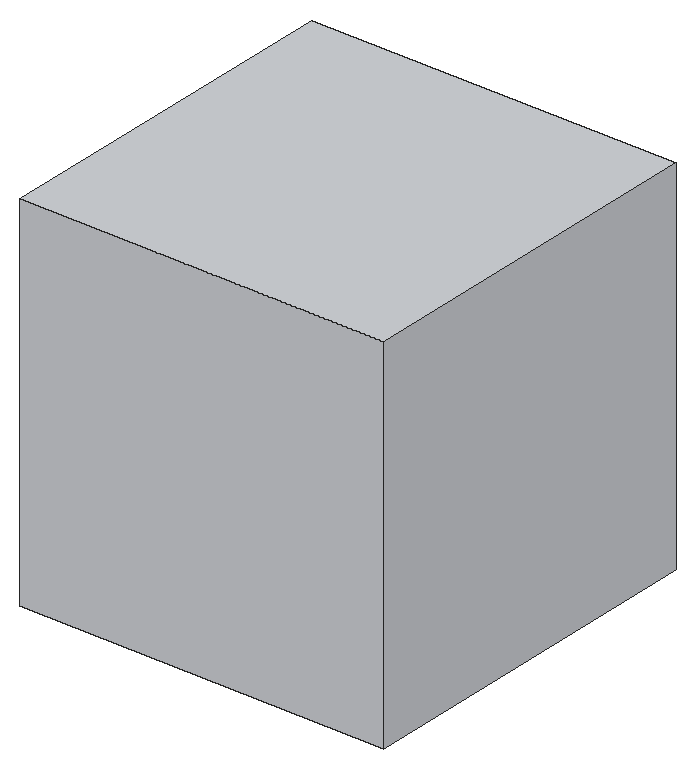
Revit family "SampleFamily3.rvt", category Обобщенные модели, Revit 2021
Family settings
  Может служить основой для арматурных стержней = Нет
  Размер круглого соединителя = Использовать диаметр
  Тип детали = Нормальный
  На основе рабочей плоскости = Нет
  Всегда вертикально = Да
  При загрузке вырезать с полостями = Нет
  Общий = Да
  Точка принадлежности помещению = Нет
Parameters
  Отметка по умолчанию = 0 mm
  dz/2 [instance] = dz / 2  # 2500 mm
  dz [instance] = 5000 mm
  dy/2 [instance] = dy / 2  # 2500 mm
  dy [instance] = 5000 mm
  dx/2 [instance] = dx / 2  # 2500 mm
  dx [instance] = 5000 mm
Reference planes
  plane 1 "По центру (Вперед/Назад)": y = 0
  plane 2: z = 0
  plane 3 "По центру (Влево/Вправо)": x = 0
  plane 4: y = 5000
  plane 5: x = 5000
  plane 6: z = 5000
  plane 7: x = 2500
  plane 8: y = 2500
  plane 9: z = 2500
Forms (mm)
  Extrusion 1, solid
    sketch origin (2000, 2040, 0) x (1, 0, 0) y (0, 1, 0)
      loop
        line (-2000, 2960) -> (-2000, -2040) -> (3000, -2040) -> (3000, 2960) -> (-2000, 2960)
    from 0 to 5000
Dimensions and locks
  "dy": plane 1 "По центру (Вперед/Назад)" to plane 4
  "dx": plane 3 "По центру (Влево/Вправо)" to plane 5
  "dz": plane 6 to plane 2
  "dy/2": plane 1 "По центру (Вперед/Назад)" to plane 8
  "dx/2": plane 3 "По центру (Влево/Вправо)" to plane 7
  "dz/2": plane 9 to plane 2
  aligned and locked: level to plane 2
  aligned and locked: plane 1 "По центру (Вперед/Назад)" to Extrusion 1
  aligned and locked: Extrusion 1 to plane 3 "По центру (Влево/Вправо)"
  aligned and locked: Extrusion 1 to plane 5
  aligned and locked: plane 4 to Extrusion 1
  aligned and locked: plane 6 to Extrusion 1
Automatic sketch dimensions
  plane 1 "По центру (Вперед/Назад)" to Extrusion 1 sketch curve = 0 mm
  Extrusion 1 sketch curve to plane 3 "По центру (Влево/Вправо)" = 0 mm
  Extrusion 1 sketch curve to plane 5 = 0 mm
  Extrusion 1 sketch curve to plane 4 = 0 mm
